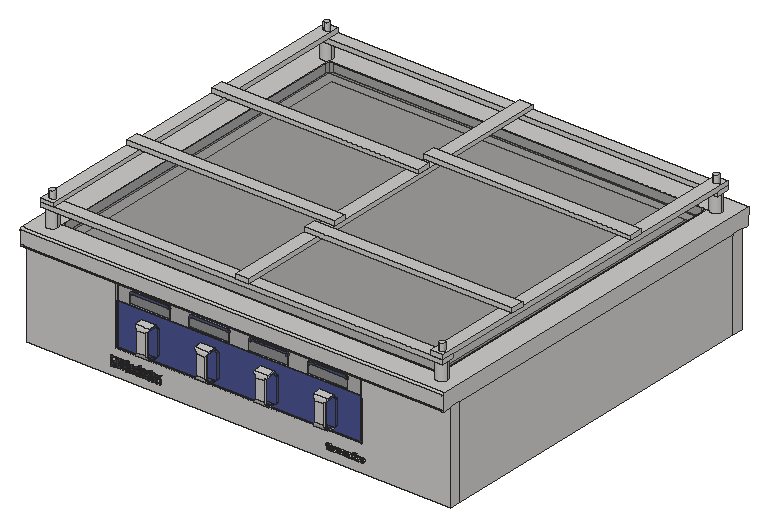
Revit family "QF_ELECTROLUXPROFESSIONAL_589844_MCIDACJODM", category Attrezzature speciali, Revit 2020
Family settings
  Quota connettore circolare = Usa diametro
  Tipo di parte = Normale
  Basato su piano di lavoro = No
  Sempre verticale = Sì
  Taglio con vuoti quando caricato = No
  Condiviso = No
  Punto di calcolo locali = No
Parameters (values of type "Standard")
  Weight = 94.00 kg
  Watts = 20000 W
  Volts = 440 V
  URL Manufacturer = "https://www.electroluxprofessional.com/"
  URL = "https://www.electroluxprofessional.com/"
  Steam Supply Size = 0"
  Steam Supply Minimum Pressure = 0.00 psi
  Steam Supply Maximum Pressure = 0.00 psi
  Steam Consumption per Hour = 0
  Refrigeration Suction Line Size = 0 mm
  Refrigeration Liquid Line Size = 0 mm
  Refrigerant Compressor Remote = yes
  Prospetto di default = 0 mm
  Phase = 3
  Modello = "MCIDACJODM"
  Produttore = "Electrolux Professional"
  Length Actual = 1000 mm  # constant formula
  Item Number = "589844"
  Hot Water Size = 0"
  Height Actual = 250 mm  # constant formula
  HP = "26.8 HP"
  Gas Size = 0"
  Gas KW = 0
  Gas Input Pressure = 0.0 Btu/h
  Direct Waste Size = 0"
  Descrizione = "MARINE*INDUCTION TOP,4Z,2S,1000X900X250H"
  Depth Actual = 900 mm  # constant formula
  Cycle = 50 Hz
  Condensate Return Size = 0"
  Compressed Air Volume = 0 GPM
  Compressed Air Size = 0"
  Compressed Air Pressure = 0.00 psi
  Cold Water Size = 0"
  Accessory = yes
Reference planes
  plane 1 "BACK": y = 0
  plane 2: z = 0
  plane 3 "LEFT": x = -100
  plane 4 "RIGHT": x = 900
  plane 5 "FRONT": y = -900
  plane 6 "TOP": z = 900
  plane 7 "Center (Left/Right)": x = 400
  plane 8: y = -450
  plane 9: z = 200
  plane 10: y = -150
  plane 11 "Panel": y = -855
  plane 12: z = 798
  plane 13: z = 975
  plane 14: x = -22
  plane 15: x = 822
  plane 16: y = -150
  plane 17: y = -650
  plane 18 "EIx": x = 855
  plane 19 "EIy": y = -685
  plane 20: y = -880
  plane 21 "TopBase": z = 650
Forms (mm)
  Extrusion 1, solid, material "QF_Finishes_Stainless Steel"
    sketch origin (-178.969, -4572, 200) x (-1, 0, 0) y (0, -1, 0)
      loop
        line (-78.969, -4527) -> (-78.969, -3717) -> (-1078.969, -3717) -> (-1078.969, -4527) -> (-78.969, -4527)
    from 450 to 663
  Extrusion 2, solid, material "QF_Finishes_Stainless Steel"
    sketch origin (0, 0, 650) x (-1, 0, 0) y (0, -1, 0)
      loop
        circle (-855, 685) r 6.35
    from 0 to -11.851
  Extrusion 3, solid, material "QF_Finishes_Stainless Steel"
    sketch origin (400, 296.4, 1219.2) x (0, 1, 0) y (0, 0, 1)
      loop
        line (-296.4, -319.2) -> (-1191.4, -319.2)
        arc (-1191.4, -319.2) -> (-1194.935, -320.664) -> (-1196.4, -324.2) r 5
        line (-1196.4, -324.2) -> (-1196.4, -355.2)
        arc (-1196.4, -355.2) -> (-1194.971, -358.264) -> (-1191.705, -359.139) r 4
        line (-1191.705, -359.139) -> (-1176.4, -356.231) -> (-316.4, -356.231) -> (-301.094, -359.139)
        arc (-301.094, -359.139) -> (-297.829, -358.264) -> (-296.4, -355.2) r 4
        line (-296.4, -355.2) -> (-296.4, -319.2)
    from -500 to 500
  Extrusion 4, solid, material "QF_Finishes_Electrolux_Black Smoke Iluminated"
    sketch origin (0, 0, 900) x (-1, 0, 0) y (0, -1, 0)
      loop
        arc (35, 56) -> (42.071, 58.929) -> (45, 66) r 10
        line (45, 66) -> (45, 833)
        arc (45, 833) -> (42.071, 840.071) -> (35, 843) r 10
        line (35, 843) -> (-835, 843)
        arc (-835, 843) -> (-842.071, 840.071) -> (-845, 833) r 10
        line (-845, 833) -> (-845, 66)
        arc (-845, 66) -> (-842.071, 58.929) -> (-835, 56) r 10
        line (-835, 56) -> (35, 56)
    from 0 to -20
  Extrusion 5, void
    sketch origin (0, 0, 900) x (-1, 0, 0) y (0, -1, 0)
      loop
        line (47, 845) -> (-847, 845) -> (-847, 54) -> (47, 54) -> (47, 845)
    from 0 to -25
  Extrusion 6, solid, material "QF_Finishes_Stainless Steel"
    sketch origin (0, 0, 900) x (-1, 0, 0) y (0, -1, 0)
      loop
        line (18, 83) -> (18, 816) -> (-818, 816) -> (-818, 83) -> (18, 83)
    from -20 to -25
  Extrusion 7, solid, material "QF_Finishes_Stainless Steel"
    sketch origin (0, 0, 940) x (0, 1, 0) y (-1, 0, 0)
      loop
        line (-30, 75) -> (-60, 75) -> (-60, -875) -> (-30, -875) -> (-30, 75)
      loop
        line (-870, 75) -> (-870, -875) -> (-840, -875) -> (-840, 75) -> (-870, 75)
      loop
        circle (-855, 60) r 6.5
      loop
        circle (-855, -860) r 6.5
      loop
        circle (-45, 60) r 6.5
      loop
        circle (-45, -860) r 6.5
    from 0 to 10
  Extrusion 8, solid, material "QF_Finishes_Stainless Steel"
    sketch origin (0, 0, 950) x (0, 1, 0) y (-1, 0, 0)
      loop
        line (-30, 75) -> (-870, 75) -> (-870, 45) -> (-30, 45) -> (-30, 75)
      loop
        line (-30, -875) -> (-30, -845) -> (-870, -845) -> (-870, -875) -> (-30, -875)
      loop
        line (-30, -415) -> (-30, -385) -> (-870, -385) -> (-870, -415) -> (-30, -415)
      loop
        circle (-45, 60) r 6.5
      loop
        circle (-45, -860) r 6.5
      loop
        circle (-855, 60) r 6.5
      loop
        circle (-855, -860) r 6.5
    from 0 to 10
  Extrusion 9, solid, material "QF_Finishes_Stainless Steel"
    sketch origin (0, 0, 960) x (0, 1, 0) y (-1, 0, 0)
      loop
        line (-336, 75) -> (-366, 75) -> (-366, -415) -> (-336, -415) -> (-336, 75)
      loop
        line (-586, 75) -> (-616, 75) -> (-616, -415) -> (-586, -415) -> (-586, 75)
      loop
        line (-286, -385) -> (-316, -385) -> (-316, -875) -> (-286, -875) -> (-286, -385)
      loop
        line (-636, -385) -> (-666, -385) -> (-666, -875) -> (-636, -875) -> (-636, -385)
    from 0 to 10
  Extrusion 10, solid, material "QF_Finishes_Stainless Steel"
    sketch origin (0, -1, 900) x (-1, 0, 0) y (0, -1, 0)
      loop
        circle (60, 44) r 13
      loop
        circle (-860, 44) r 13
      loop
        circle (60, 854) r 13
      loop
        circle (-860, 854) r 13
    from 0 to 40
  Extrusion 11, solid, material "QF_Finishes_Stainless Steel"
    sketch origin (0, -1, 940) x (0, 1, 0) y (-1, 0, 0)
      loop
        circle (-854, 60) r 6.5
      loop
        circle (-854, -860) r 6.5
      loop
        circle (-44, 60) r 6.5
      loop
        circle (-44, -860) r 6.5
    from 0 to 35
Cuts and joins
  Extrusion 5 cuts Extrusion 3
Lines and regions (mm)
  symbolic lines
    curve 1: line (-100, 0, 200) -> (900, 0, 200)
    curve 2: line (-100, -900, 200) -> (-100, 0, 200)
    curve 3: line (900, -900, 200) -> (-100, -900, 200)
    curve 4: line (900, 0, 200) -> (900, -900, 200)
    curve 43: line (-75, -30, 900) -> (-45, -30, 900)
    curve 44: line (-75, -870, 900) -> (-75, -30, 900)
    curve 45: line (-45, -870, 900) -> (-75, -870, 900)
    curve 46: line (-45, -30, 900) -> (-45, -336, 900)
    curve 47: line (875, -30, 900) -> (845, -30, 900)
    curve 48: line (875, -870, 900) -> (875, -30, 900)
    curve 49: line (845, -870, 900) -> (875, -870, 900)
    curve 50: line (845, -30, 900) -> (845, -286, 900)
    curve 51: line (-75, -336, 900) -> (415, -336, 900)
    curve 52: line (-75, -366, 900) -> (415, -366, 900)
    curve 53: line (-75, -586, 900) -> (415, -586, 900)
    curve 54: line (-75, -616, 900) -> (415, -616, 900)
    curve 55: line (385, -286, 900) -> (875, -286, 900)
    curve 56: line (385, -316, 900) -> (875, -316, 900)
    curve 57: line (385, -636, 900) -> (875, -636, 900)
    curve 58: line (385, -666, 900) -> (875, -666, 900)
    curve 59: line (-18, -83, 900) -> (387, -83, 900)
    curve 60: line (415, -83, 900) -> (818, -83, 900)
    curve 61: line (818, -83, 900) -> (818, -286, 900)
    curve 62: line (818, -316, 900) -> (818, -636, 900)
    curve 63: line (818, -666, 900) -> (818, -816, 900)
    curve 64: line (818, -816, 900) -> (415, -816, 900)
    curve 65: line (-18, -816, 900) -> (-18, -616, 900)
    curve 66: line (-18, -586, 900) -> (-18, -366, 900)
    curve 67: line (-18, -336, 900) -> (-18, -83, 900)
    curve 68: line (415, -870, 900) -> (415, -666, 900)
    curve 69: line (385, -870, 900) -> (385, -616, 900)
    curve 70: line (415, -636, 900) -> (415, -316, 900)
    curve 71: line (385, -586, 900) -> (385, -366, 900)
    curve 72: line (385, -336, 900) -> (385, -30, 900)
    curve 73: line (415, -286, 900) -> (415, -30, 900)
    curve 74: line (-45, -30, 900) -> (845, -30, 900)
    curve 75: line (-45, -870, 900) -> (845, -870, 900)
    curve 76: line (-45, -840, 900) -> (385, -840, 900)
    curve 77: line (415, -840, 900) -> (845, -840, 900)
    curve 78: line (-45, -60, 900) -> (385, -60, 900)
    curve 79: line (415, -60, 900) -> (845, -60, 900)
    curve 80: line (-45, -366, 900) -> (-45, -586, 900)
    curve 81: line (-45, -616, 900) -> (-45, -870, 900)
    curve 82: line (845, -666, 900) -> (845, -870, 900)
    curve 83: line (845, -316, 900) -> (845, -636, 900)
    curve 84: line (385, -816, 900) -> (-18, -816, 900)
  model lines
    curve 5: line (64.474, -422.012, 900) -> (46.796, -404.335, 900)
    curve 6: line (46.796, -404.335, 900) -> (46.796, -169.335, 900)
    curve 7: line (46.796, -169.335, 900) -> (64.474, -151.657, 900)
    curve 8: line (183.85, -245.603, 900) -> (183.85, -325.603, 900)
    curve 9: line (143.85, -285.603, 900) -> (223.85, -285.603, 900)
    curve 10: line (303.226, -422.012, 900) -> (320.903, -404.335, 900)
    curve 11: line (320.903, -404.335, 900) -> (320.903, -169.335, 900)
    curve 12: line (320.903, -169.335, 900) -> (303.226, -151.657, 900)
    curve 13: line (494.474, -422.012, 900) -> (476.796, -404.335, 900)
    curve 14: line (476.796, -404.335, 900) -> (476.796, -169.335, 900)
    curve 15: line (476.796, -169.335, 900) -> (494.474, -151.657, 900)
    curve 16: line (613.85, -245.603, 900) -> (613.85, -325.603, 900)
    curve 17: line (573.85, -285.603, 900) -> (653.85, -285.603, 900)
    curve 18: line (733.226, -422.012, 900) -> (750.903, -404.335, 900)
    curve 19: line (750.903, -404.335, 900) -> (750.903, -169.335, 900)
    curve 20: line (750.903, -169.335, 900) -> (733.226, -151.657, 900)
    curve 21: line (64.474, -477.988, 900) -> (46.796, -495.665, 900)
    curve 22: line (46.796, -495.665, 900) -> (46.796, -730.665, 900)
    curve 23: line (46.796, -730.665, 900) -> (64.474, -748.343, 900)
    curve 24: line (183.85, -654.397, 900) -> (183.85, -574.397, 900)
    curve 25: line (143.85, -614.397, 900) -> (223.85, -614.397, 900)
    curve 26: line (303.226, -477.988, 900) -> (320.903, -495.665, 900)
    curve 27: line (320.903, -495.665, 900) -> (320.903, -730.665, 900)
    curve 28: line (320.903, -730.665, 900) -> (303.226, -748.343, 900)
    curve 29: line (494.474, -477.988, 900) -> (476.796, -495.665, 900)
    curve 30: line (476.796, -495.665, 900) -> (476.796, -730.665, 900)
    curve 31: line (476.796, -730.665, 900) -> (494.474, -748.343, 900)
    curve 32: line (613.85, -654.397, 900) -> (613.85, -574.397, 900)
    curve 33: line (573.85, -614.397, 900) -> (653.85, -614.397, 900)
    curve 34: line (733.226, -477.988, 900) -> (750.903, -495.665, 900)
    curve 35: line (750.903, -495.665, 900) -> (750.903, -730.665, 900)
    curve 36: line (750.903, -730.665, 900) -> (733.226, -748.343, 900)
    curve 37: line (-7.896, -110.891, 900) -> (13.317, -89.677, 900)
    curve 38: line (13.317, -89.677, 900) -> (786.683, -89.677, 900)
    curve 39: line (807.896, -110.891, 900) -> (786.683, -89.677, 900)
    curve 40: line (-7.896, -789.109, 900) -> (13.317, -810.323, 900)
    curve 41: line (13.317, -810.323, 900) -> (786.683, -810.323, 900)
    curve 42: line (807.896, -789.109, 900) -> (786.683, -810.323, 900)
Dimensions and locks
  plane 3 "LEFT" to plane 4 "RIGHT" = 1000 mm
  plane 5 "FRONT" to plane 1 "BACK" = 900 mm
  plane 3 "LEFT" to plane 7 "Center (Left/Right)" to plane 4 "RIGHT" = 500 mm, 500 mm
  equal spacing: plane 5 "FRONT", plane 8, plane 1 "BACK"
  plane 6 "TOP" to level = 900 mm  (x2)
  plane 9 to level = 200 mm
  plane 1 "BACK" to plane 10 to plane 11 "Panel" = 150 mm, 705 mm  (x2)
  plane 6 "TOP" to plane 9 to level = 700 mm, 200 mm
  plane 1 "BACK" to plane 5 "FRONT" = 900 mm
  plane 1 "BACK" to Extrusion 2 = 685 mm
  plane 12 to plane 9 = 598 mm
  plane 13 to plane 6 "TOP" = 75 mm
  plane 6 "TOP" to plane 12 = 102 mm
  plane 14 to plane 3 "LEFT" = 78 mm
  plane 15 to plane 4 "RIGHT" = 78 mm
  locked: plane 1 "BACK" to plane 16 at 150
  locked: plane 16 to plane 17 at 500
  plane 11 "Panel" to plane 5 "FRONT" = 45 mm
  plane 18 "EIx" to plane 4 "RIGHT" = 45 mm
  plane 19 "EIy" to plane 1 "BACK" = 685 mm
  locked: plane 11 "Panel" to plane 20 at 25
  aligned and locked: level to plane 2
  aligned and locked: cut or joined group of Extrusion 3, Extrusion 5 to plane 3 "LEFT"
  aligned and locked: cut or joined group of Extrusion 3, Extrusion 5 to plane 4 "RIGHT"
  aligned and locked: nested 1 to plane 11 "Panel"
  aligned and locked: Extrusion 1 to plane 11 "Panel"
  aligned and locked: Extrusion 1 to plane 3 "LEFT"
  aligned and locked: Extrusion 1 to plane 4 "RIGHT"
  aligned and locked: nested 2 to plane 3 "LEFT"
  aligned and locked: nested 2 to Extrusion 1
Automatic sketch dimensions
  Extrusion 3 sketch curve to plane 5 "FRONT" = 0 mm
  Extrusion 3 sketch curve to plane 6 "TOP" = 0 mm
  Extrusion 3 sketch curve to plane 20 = 0 mm
  Extrusion 3 sketch curve to plane 1 "BACK" = 0 mm
  Extrusion 3 sketch curve to Extrusion 3 sketch curve = 4 mm
  Extrusion 3 sketch curve to Extrusion 3 sketch curve = 0.695 mm
  Extrusion 3 sketch curve to plane 5 "FRONT" = 5 mm
  plane 1 "BACK" to Extrusion 3 sketch curve = 20 mm
  plane 1 "BACK" to Extrusion 3 sketch curve = 4.695 mm
  plane 1 "BACK" to Extrusion 3 sketch curve = 4 mm
  Extrusion 3 sketch curve to Extrusion 3 sketch curve = 31 mm
  Extrusion 3 sketch curve to Extrusion 3 sketch curve = 36 mm
  Extrusion 3 sketch curve to Extrusion 3 sketch curve = 2.909 mm
  Extrusion 2 sketch curve to plane 18 "EIx" = 0 mm
  Extrusion 2 sketch curve to plane 19 "EIy" = 0 mm
  Extrusion 1 sketch curve to plane 4 "RIGHT" = 0 mm
  Extrusion 1 sketch curve to plane 3 "LEFT" = 0 mm
  Extrusion 1 sketch curve to plane 11 "Panel" = 0 mm
  plane 1 "BACK" to Extrusion 1 sketch curve = 45 mm
  plane 1 "BACK" to curve 1 = 0 mm
  curve 1 to plane 4 "RIGHT" = 0 mm
  curve 3 to plane 3 "LEFT" = 0 mm
  plane 5 "FRONT" to curve 3 = 0 mm
  plane 18 "EIx" to Extrusion 4 sketch curve = 10 mm
  Extrusion 4 sketch curve to plane 15 = 13 mm
  Extrusion 4 sketch curve to Extrusion 4 sketch curve = 10 mm  (x2)
  plane 14 to Extrusion 4 sketch curve = 13 mm  (x2)
  plane 1 "BACK" to Extrusion 4 sketch curve = 56 mm
  plane 11 "Panel" to Extrusion 4 sketch curve = 22 mm
  plane 18 "EIx" to Extrusion 5 sketch curve = 8 mm
  plane 14 to Extrusion 5 sketch curve = 25 mm
  plane 1 "BACK" to Extrusion 5 sketch curve = 54 mm
  plane 11 "Panel" to Extrusion 5 sketch curve = 10 mm
  plane 15 to Extrusion 6 sketch curve = 4 mm
  Extrusion 6 sketch curve to plane 14 = 4 mm
  plane 10 to Extrusion 6 sketch curve = 67 mm
  plane 11 "Panel" to Extrusion 6 sketch curve = 39 mm
  Extrusion 7 sketch curve to plane 11 "Panel" = 0 mm  (x2)
  Extrusion 7 sketch curve to plane 20 = 10 mm
  plane 11 "Panel" to Extrusion 7 sketch curve = 15 mm
  Extrusion 7 sketch curve to plane 18 "EIx" = 20 mm  (x2)
  plane 1 "BACK" to Extrusion 7 sketch curve = 60 mm
  Extrusion 7 sketch curve to Extrusion 7 sketch curve = 15 mm  (x5)
  Extrusion 7 sketch curve to plane 18 "EIx" = 5 mm  (x2)
  plane 14 to Extrusion 7 sketch curve = 38 mm  (x2)
  Extrusion 8 sketch curve to plane 11 "Panel" = 0 mm  (x2)
  Extrusion 8 sketch curve to plane 20 = 10 mm  (x3)
  Extrusion 8 sketch curve to plane 18 "EIx" = 5 mm  (x2)
  plane 1 "BACK" to Extrusion 8 sketch curve = 45 mm  (x2)
  plane 1 "BACK" to Extrusion 8 sketch curve = 30 mm
  Extrusion 8 sketch curve to Extrusion 8 sketch curve = 15 mm  (x5)
  Extrusion 8 sketch curve to plane 18 "EIx" = 20 mm
  plane 18 "EIx" to Extrusion 8 sketch curve = 10 mm
  plane 7 "Center (Left/Right)" to Extrusion 8 sketch curve = 15 mm
  Extrusion 8 sketch curve to plane 7 "Center (Left/Right)" = 15 mm
  plane 14 to Extrusion 8 sketch curve = 23 mm
  plane 17 to Extrusion 9 sketch curve = 16 mm
  Extrusion 9 sketch curve to plane 17 = 14 mm
  Extrusion 9 sketch curve to plane 17 = 34 mm
  Extrusion 9 sketch curve to Extrusion 9 sketch curve = 30 mm  (x3)
  plane 3 "LEFT" to Extrusion 9 sketch curve = 25 mm  (x2)
  plane 8 to Extrusion 9 sketch curve = 84 mm
  Extrusion 9 sketch curve to plane 7 "Center (Left/Right)" = 15 mm  (x2)
  Extrusion 9 sketch curve to Extrusion 9 sketch curve = 20 mm
  plane 7 "Center (Left/Right)" to Extrusion 9 sketch curve = 15 mm  (x2)
  Extrusion 9 sketch curve to plane 18 "EIx" = 20 mm  (x2)
  Extrusion 10 sketch curve to plane 11 "Panel" = 0 mm  (x2)
  Extrusion 10 sketch curve to plane 18 "EIx" = 5 mm  (x2)
  plane 14 to Extrusion 10 sketch curve = 38 mm  (x2)
  plane 1 "BACK" to Extrusion 10 sketch curve = 45 mm  (x2)
  Extrusion 11 sketch curve to plane 11 "Panel" = 0 mm  (x2)
  Extrusion 11 sketch curve to plane 18 "EIx" = 5 mm  (x2)
  plane 1 "BACK" to Extrusion 11 sketch curve = 45 mm  (x2)
  plane 14 to Extrusion 11 sketch curve = 38 mm  (x2)
  curve 49 to plane 18 "EIx" = 20 mm
  plane 18 "EIx" to curve 47 = 10 mm
  plane 18 "EIx" to curve 82 = 10 mm
  plane 15 to curve 61 = 4 mm
  plane 15 to curve 64 = 4 mm
  curve 60 to curve 39 = 31.317 mm
  curve 63 to curve 42 = 31.317 mm
  curve 19 to plane 10 = 19.335 mm
  plane 15 to curve 19 = 71.097 mm
  plane 15 to curve 36 = 71.097 mm
  plane 7 "Center (Left/Right)" to curve 30 = 76.796 mm
  plane 7 "Center (Left/Right)" to curve 14 = 76.796 mm
  curve 11 to plane 10 = 19.335 mm
  curve 11 to plane 7 "Center (Left/Right)" = 79.097 mm
  curve 28 to plane 7 "Center (Left/Right)" = 79.097 mm
  curve 22 to plane 14 = 68.796 mm
  curve 5 to plane 14 = 68.796 mm
  curve 40 to plane 14 = 35.317 mm
  curve 38 to plane 14 = 35.317 mm
  curve 65 to plane 14 = 4 mm
  curve 59 to plane 14 = 4 mm
  curve 75 to plane 20 = 10 mm
  plane 14 to curve 75 = 23 mm
  plane 14 to curve 74 = 23 mm
  plane 3 "LEFT" to curve 45 = 25 mm
  plane 10 to curve 38 = 60.323 mm
  curve 60 to curve 38 = 6.677 mm
  curve 67 to curve 37 = 6.677 mm
  plane 1 "BACK" to curve 74 = 30 mm
  curve 7 to plane 10 = 19.335 mm
  curve 14 to plane 10 = 19.335 mm
  plane 8 to curve 5 = 45.665 mm
  plane 8 to curve 10 = 45.665 mm
  plane 8 to curve 19 = 45.665 mm
  plane 8 to curve 13 = 45.665 mm
  curve 30 to plane 8 = 45.665 mm
  curve 26 to plane 8 = 45.665 mm
  curve 35 to plane 8 = 45.665 mm
  curve 21 to plane 8 = 45.665 mm
  curve 35 to plane 19 "EIy" = 45.665 mm
  curve 28 to plane 19 "EIy" = 45.665 mm
  curve 31 to plane 19 "EIy" = 45.665 mm
  curve 23 to plane 19 "EIy" = 45.665 mm
  plane 11 "Panel" to curve 41 = 44.677 mm
  curve 41 to curve 64 = 5.677 mm
  curve 40 to curve 84 = 5.677 mm
  plane 18 "EIx" to curve 83 = 10 mm
  plane 15 to curve 62 = 4 mm
  plane 15 to curve 39 = 14.104 mm
  plane 15 to curve 42 = 14.104 mm
  curve 34 to plane 8 = 27.988 mm
  curve 34 to curve 34 = 17.678 mm
  curve 35 to curve 36 = 17.678 mm  (x2)
  curve 20 to plane 10 = 1.657 mm
  curve 19 to curve 20 = 17.678 mm
  plane 8 to curve 18 = 27.988 mm
  curve 18 to curve 18 = 17.678 mm
  curve 33 to plane 17 = 35.603 mm
  curve 35 to curve 33 = 97.053 mm
  curve 19 to curve 17 = 97.053 mm
  curve 17 to curve 16 = 40 mm  (x2)
  curve 33 to curve 32 = 40 mm
  curve 32 to curve 33 = 40 mm  (x2)
  curve 16 to curve 17 = 40 mm  (x2)
  curve 31 to curve 30 = 17.678 mm
  curve 29 to plane 8 = 27.988 mm
  curve 29 to curve 29 = 17.678 mm
  curve 15 to plane 10 = 1.657 mm
  curve 15 to curve 14 = 17.678 mm
  plane 8 to curve 13 = 27.988 mm
  curve 13 to curve 13 = 17.678 mm
  plane 7 "Center (Left/Right)" to curve 64 = 15 mm
  plane 7 "Center (Left/Right)" to curve 70 = 15 mm
  plane 7 "Center (Left/Right)" to curve 73 = 15 mm
  curve 59 to plane 7 "Center (Left/Right)" = 13 mm
  curve 56 to plane 7 "Center (Left/Right)" = 15 mm
  curve 57 to plane 7 "Center (Left/Right)" = 15 mm
  curve 71 to plane 7 "Center (Left/Right)" = 15 mm
  curve 26 to plane 8 = 27.988 mm
  curve 26 to curve 26 = 17.678 mm
  curve 27 to curve 28 = 17.678 mm  (x2)
  curve 12 to plane 10 = 1.657 mm
  curve 11 to curve 12 = 17.678 mm
  plane 8 to curve 10 = 27.988 mm
  curve 10 to curve 10 = 17.678 mm
  curve 11 to curve 9 = 97.053 mm
  curve 25 to plane 17 = 35.603 mm
  curve 27 to curve 25 = 97.053 mm
  curve 9 to curve 8 = 40 mm  (x2)
  plane 17 to curve 24 = 4.397 mm
  curve 25 to curve 24 = 40 mm
  curve 8 to curve 9 = 40 mm  (x2)
  curve 24 to curve 25 = 40 mm  (x2)
  curve 21 to plane 8 = 27.988 mm
  curve 21 to curve 21 = 17.678 mm
  plane 8 to curve 5 = 27.988 mm
  curve 5 to curve 5 = 17.678 mm
  curve 23 to curve 22 = 17.678 mm
  curve 7 to plane 10 = 1.657 mm
  curve 7 to curve 6 = 17.678 mm
  curve 37 to plane 14 = 14.104 mm
  curve 40 to plane 14 = 14.104 mm
  curve 66 to plane 14 = 4 mm
  plane 14 to curve 80 = 23 mm
  curve 60 to curve 39 = 27.891 mm
  curve 59 to curve 37 = 27.891 mm
  curve 78 to curve 59 = 23 mm
  curve 79 to curve 60 = 23 mm
  curve 16 to plane 10 = 95.603 mm
  curve 8 to plane 10 = 95.603 mm
  curve 11 to curve 55 = 116.665 mm
  curve 61 to curve 62 = 30 mm
  plane 8 to curve 46 = 114 mm
  curve 51 to curve 52 = 30 mm
  curve 80 to plane 17 = 64 mm
  curve 66 to curve 65 = 30 mm
  curve 57 to plane 17 = 14 mm
  plane 17 to curve 32 = 4.397 mm
  plane 17 to curve 63 = 16 mm
  curve 22 to curve 23 = 17.678 mm
  curve 30 to curve 31 = 17.678 mm
  curve 42 to curve 63 = 26.891 mm
  curve 40 to curve 65 = 26.891 mm
  plane 11 "Panel" to curve 77 = 15 mm
  plane 11 "Panel" to curve 76 = 15 mm
  radius of Extrusion 2 sketch curve = 6.35 mm
  radius of Extrusion 7 sketch curve = 6.5 mm  (x4)
  radius of Extrusion 8 sketch curve = 6.5 mm  (x4)
  radius of Extrusion 10 sketch curve = 13 mm  (x4)
  radius of Extrusion 11 sketch curve = 6.5 mm  (x4)
Nested families
  nested 1: "Front_Panel_W1000_4 Knobs" at (102.376, -855, 0), type "Front_Panel_W1000_4 Knobs"
  nested 2: "Front_Panel_W1000_4 Knobs" at (697.624, -45, 0) x (-1, 0, 0) z (0, 0, 1), type "Front_Panel_W1000_4 Knobs"
Connectors
  electrical at (855, -685, 638.149)
    settings: on Extrusion 2, index 1, voltage 400 V, apparent load 33000 VA, apparent load phase1 0 VA, apparent load phase2 0 VA, apparent load phase3 0 VA, power factor 1, load classification "Other", number of poles 1, system type 30, power factor state 1, is connector primary yes, connector utility no, sub classification motor no, connector description "ELECTRICAL CONNECTION"
Definition of nested family "Front_Panel_W1000_4 Knobs"
  Parameters
    Default Elevation = 0 mm
  Reference planes
    plane 1 "Center (Front/Back)": y = 0
    plane 2: z = 0
    plane 3 "Center (Left/Right)": x = 297.624
    plane 4 "Left": x = -202.376
    plane 5 "Right": x = 797.624
    plane 6: y = -45
    plane 7: x = 87.624
    plane 8: x = 227.624
    plane 9: y = -25
    plane 10: x = -2.376
    plane 11: x = 367.624
    plane 12: x = 507.624
    plane 13: x = 594.715
  Forms (mm)
    Extrusion 1, solid
      sketch origin (833.217, 829.203, -1.25) x (0, 1, 0) y (0, 0, 1)
        loop
          line (-854.203, 651.25) -> (-829.203, 651.25) -> (-829.203, 864.25) -> (-854.203, 864.25) -> (-854.203, 651.25)
      from -1035.593 to -35.593
    Extrusion 2, void
      sketch origin (0, 0, 0) x (1, 0, 0) y (0, 0, 1)
        loop
          line (7.624, 853.866) -> (7.624, 711.866) -> (587.624, 711.866) -> (587.624, 853.866) -> (7.624, 853.866)
      from 19.387 to 33.951
  Cuts and joins
    Extrusion 2 cuts Extrusion 1
  Dimensions and locks
    equal spacing: plane 5 "Right", plane 3 "Center (Left/Right)", plane 4 "Left"
    plane 5 "Right" to plane 4 "Left" = 1000 mm
    plane 3 "Center (Left/Right)" to plane 7 = 210 mm
    plane 3 "Center (Left/Right)" to plane 8 = 70 mm
    plane 12 to plane 3 "Center (Left/Right)" = 210 mm
    plane 11 to plane 3 "Center (Left/Right)" = 70 mm
    aligned and locked: cut or joined group of Extrusion 1, Extrusion 2 to plane 4 "Left"
    aligned and locked: plane 5 "Right" to cut or joined group of Extrusion 1, Extrusion 2
    aligned and locked: plane 3 "Center (Left/Right)" to nested 2
    aligned and locked: cut or joined group of Extrusion 1, Extrusion 2 to nested 2
  Automatic sketch dimensions
    Extrusion 1 sketch curve to plane 1 "Center (Front/Back)" = 0 mm
    level to Extrusion 1 sketch curve = 650 mm
    plane 4 "Left" to Extrusion 2 sketch curve = 210 mm
    Extrusion 2 sketch curve to plane 5 "Right" = 210 mm
    level to Extrusion 2 sketch curve = 711.866 mm
    Extrusion 2 sketch curve to Extrusion 2 sketch curve = 142 mm
    Extrusion 1 sketch curve to plane 6 = 20 mm
    Extrusion 1 sketch curve to Extrusion 1 sketch curve = 213 mm
  Nested families
    nested 1: "Range Control Handle" at (87.624, -28.137, -209.113) x (-1, 0, 0) z (0, 0, 1), type "Range Control Handle"
    nested 2: "Front glass control panel W1000" at (297.624, 280.644, 2.752), type "Front glass control panel W1000"
    nested 3: "Range Control Handle" at (227.624, -28.137, -209.113) x (-1, 0, 0) z (0, 0, 1), type "Range Control Handle"
    nested 4: "Range Control Handle" at (367.624, -28.137, -209.113), type "Range Control Handle"
    nested 5: "Range Control Handle" at (507.624, -28.137, -209.113), type "Range Control Handle"
    nested 6: "ELX_ThermaLine_Small" at (546.122, -25, 679.426) x (1, 0, 0) z (0, -1, 0), type "ELX_ThermaLine_Small"
      with Show Logo yes, Material_Logo none
    nested 7: "ELX_Professional_Logo_Small" at (57.11, -25, 681.659) x (1, 0, 0) z (0, -1, 0), type "ELX_Professional_Logo_Small"
      with Show Logo yes, Material_Logo none
  Definition of nested family "Range Control Handle"
    Parameters
      Default Elevation = 0 mm
    Reference planes
      plane 1 "Center (Front/Back)": y = 0
      plane 2: z = 0
      plane 3 "Center (Left/Right)": x = 0
      plane 4: z = 971.092
      plane 5: y = -16.9
    Forms (mm)
      Extrusion 1, solid
        sketch origin (-746.28, 380.497, 208.931) x (-1, 0, 0) y (0, 0, 1)
          loop
            line (-770.101, 786.798) -> (-770.101, 731.649)
            arc (-770.101, 731.649) -> (-769.759, 730.563) -> (-768.855, 729.87) r 1.893
            line (-768.855, 729.87) -> (-763.474, 727.911) -> (-729.81, 727.911) -> (-724.428, 729.87)
            arc (-724.428, 729.87) -> (-723.525, 730.563) -> (-723.183, 731.649) r 1.893
            line (-723.183, 731.649) -> (-723.183, 786.798)
            arc (-723.183, 786.798) -> (-723.529, 787.894) -> (-724.44, 788.593) r 1.91
            line (-724.44, 788.593) -> (-729.683, 790.819) -> (-763.601, 790.819) -> (-768.844, 788.593)
            arc (-768.844, 788.593) -> (-769.755, 787.894) -> (-770.101, 786.798) r 1.91
        from -382.35 to -378.852
      Sweep 2, solid
        path origin (-746.788, 380.496, 208.091) x (0, -1, 0) y (0, 0, 1)
          loop
            line (379.775, 793.281) -> (395.661, 791.048)
            arc (395.661, 791.048) -> (397.781, 787.377) -> (398.517, 783.202) r 12.207
            line (398.517, 783.202) -> (398.517, 737.368)
            arc (398.517, 737.368) -> (397.781, 733.193) -> (395.661, 729.522) r 12.207
            line (395.661, 729.522) -> (379.775, 727.289)
        profile origin (-746.788, -7.222, 1000.256) x (0, -0.139173, 0.990268) y (-1, 0, 0)
          loop
            line (0.782, -763.123) -> (0.782, -730.907) -> (-1.322, -730.907) -> (-1.322, -763.123) -> (0.782, -763.123)
      Sweep 3, solid
        path origin (-746.788, 380.715, 207.832) x (0, -1, 0) y (0, 0, 1)
          loop
            line (380.478, 795.442) -> (397.218, 793.09)
            arc (397.218, 793.09) -> (399.929, 788.473) -> (400.871, 783.202) r 15.207
            line (400.871, 783.202) -> (400.871, 737.584)
            arc (400.871, 737.584) -> (399.914, 732.274) -> (397.164, 727.633) r 15.207
            line (397.164, 727.633) -> (380.601, 725.305)
        profile origin (-746.788, -8.132, 1002.099) x (0, -0.139173, 0.990268) y (-1, 0, 0)
          loop
            line (0.782, -763.123) -> (0.782, -730.907) -> (-1.322, -730.907) -> (-1.322, -763.123) -> (0.782, -763.123)
      Extrusion 4, void
        sketch origin (889.253, 220.666, 207.993) x (1, 0, 0) y (0, 0, 1)
          loop
            line (-943.038, 816.854) -> (-943.038, 703.686) -> (-899.466, 734.196) -> (-899.466, 786.344) -> (-943.038, 816.854)
        from 230.636 to 242.25
      Extrusion 5, void
        sketch origin (-888.8, 220.666, 207.993) x (-1, 0, 0) y (0, 0, -1)
          loop
            line (-943.038, -816.854) -> (-899.466, -786.344) -> (-899.466, -734.196) -> (-943.038, -703.686) -> (-943.038, -816.854)
        from 230.636 to 242.25
      Extrusion 6, solid
        sketch origin (0, 0, 0) x (1, 0, 0) y (0, 0, 1)
          loop
            circle (0, 971.092) r 7.736
        from -3.137 to -1.645
    Cuts and joins
      Extrusion 4, Extrusion 5 cuts Sweep 3
      Extrusion 4, Extrusion 5 cuts Sweep 2
      joined: Extrusion 1, Extrusion 6
    Lines and regions (mm)
      symbolic lines
        curve 1: line (16.334, -16.9, 0) -> (16.334, -19.227, 0)
        curve 2: spline (16.334, -19.227, 0) -> (15.87, -19.385, 0) -> (15.404, -19.536, 0) -> (14.936, -19.678, 0) -> (14.466, -19.813, 0) -> (13.995, -19.94, 0) -> (13.523, -20.059, 0) -> (13.049, -20.171, 0) -> (12.575, -20.274, 0) -> (12.099, -20.37, 0) -> (11.622, -20.458, 0) -> (11.144, -20.537, 0) -> (10.666, -20.609, 0)
        curve 3: line (10.666, -16.9, 0) -> (10.666, -20.938, 0)
        curve 4: line (-10.213, -20.938, 0) -> (10.666, -20.938, 0)
        curve 5: line (-10.213, -20.938, 0) -> (-10.213, -16.9, 0)
        curve 6: spline (-10.213, -20.609, 0) -> (-10.691, -20.537, 0) -> (-11.169, -20.458, 0) -> (-11.646, -20.37, 0) -> (-12.122, -20.274, 0) -> (-12.597, -20.171, 0) -> (-13.07, -20.059, 0) -> (-13.542, -19.94, 0) -> (-14.013, -19.813, 0) -> (-14.483, -19.678, 0) -> (-14.951, -19.536, 0) -> (-15.417, -19.385, 0) -> (-15.881, -19.227, 0)
        curve 7: line (-15.881, -19.227, 0) -> (-15.881, -16.9, 0)
  Definition of nested family "Front glass control panel W1000"
    Parameters
      Default Elevation = 0 mm
    Reference planes
      plane 1 "Center (Front/Back)": y = 0
      plane 2: z = 0
      plane 3 "Center (Left/Right)": x = 0
    Forms (mm)
      Extrusion 1, solid
        sketch origin (378.286, 0, 0.617) x (1, 0, 0) y (0, 0, 1)
          loop
            line (-668.286, 806.791) -> (-668.286, 708.497) -> (-88.286, 708.497) -> (-88.286, 806.791) -> (-668.286, 806.791)
        from 300.031 to 304.8
      Extrusion 2, solid
        sketch origin (378.286, 0, 0.617) x (1, 0, 0) y (0, 0, 1)
          loop
            line (-668.286, 850.497) -> (-668.286, 806.791) -> (-88.286, 806.791) -> (-88.286, 850.497) -> (-668.286, 850.497)
        from 300.031 to 304.8
      Extrusion 3, void
        sketch origin (378.286, 0, 0.617) x (1, 0, 0) y (0, 0, 1)
          loop
            line (-665.628, 847.565) -> (-665.628, 710.699) -> (-91.196, 710.699) -> (-91.196, 847.565) -> (-665.628, 847.565)
        from 303.697 to 304.8
      Extrusion 4, solid
        sketch origin (-378.333, 1.101, -0.633) x (-1, 0, 0) y (0, 0, -1)
          loop
            line (-261.431, -812.62) -> (-355.186, -812.62) -> (-355.186, -834.177) -> (-350.269, -834.177) -> (-348.469, -835.977) -> (-268.039, -835.977) -> (-266.24, -834.177) -> (-261.431, -834.177) -> (-261.431, -812.62)
        from 304.798 to 306.745
      Extrusion 5, solid
        sketch origin (-378.333, 1.101, -0.633) x (-1, 0, 0) y (0, 0, -1)
          loop
            line (-350.269, -834.177) -> (-355.078, -834.177)
            arc (-355.078, -834.177) -> (-353.942, -838.747) -> (-349.686, -840.763) r 5.5
            line (-349.686, -840.763) -> (-266.98, -840.763)
            arc (-266.98, -840.763) -> (-262.706, -838.752) -> (-261.529, -834.177) r 5.549
            line (-261.529, -834.177) -> (-266.24, -834.177) -> (-268.039, -835.977) -> (-348.469, -835.977) -> (-350.269, -834.177)
        from 304.798 to 306.745
      Extrusion 6, solid
        sketch origin (-518.333, 1.101, -0.633) x (-1, 0, 0) y (0, 0, -1)
          loop
            line (-261.431, -812.62) -> (-355.186, -812.62) -> (-355.186, -834.177) -> (-350.269, -834.177) -> (-348.469, -835.977) -> (-268.039, -835.977) -> (-266.24, -834.177) -> (-261.431, -834.177) -> (-261.431, -812.62)
        from 304.798 to 306.745
      Extrusion 7, solid
        sketch origin (-518.333, 1.101, -0.633) x (-1, 0, 0) y (0, 0, -1)
          loop
            line (-350.269, -834.177) -> (-355.078, -834.177)
            arc (-355.078, -834.177) -> (-353.942, -838.747) -> (-349.686, -840.763) r 5.5
            line (-349.686, -840.763) -> (-266.98, -840.763)
            arc (-266.98, -840.763) -> (-262.706, -838.752) -> (-261.529, -834.177) r 5.549
            line (-261.529, -834.177) -> (-266.24, -834.177) -> (-268.039, -835.977) -> (-348.469, -835.977) -> (-350.269, -834.177)
        from 304.798 to 306.745
      Extrusion 8, solid
        sketch origin (378.333, 1.101, -0.633) x (1, 0, 0) y (0, 0, 1)
          loop
            line (-261.431, 812.62) -> (-261.431, 834.177) -> (-266.24, 834.177) -> (-268.039, 835.977) -> (-348.469, 835.977) -> (-350.269, 834.177) -> (-355.186, 834.177) -> (-355.186, 812.62) -> (-261.431, 812.62)
        from 304.798 to 306.745
      Extrusion 9, solid
        sketch origin (378.333, 1.101, -0.633) x (1, 0, 0) y (0, 0, 1)
          loop
            line (-350.269, 834.177) -> (-348.469, 835.977) -> (-268.039, 835.977) -> (-266.24, 834.177) -> (-261.529, 834.177)
            arc (-261.529, 834.177) -> (-262.706, 838.752) -> (-266.98, 840.763) r 5.549
            line (-266.98, 840.763) -> (-349.686, 840.763)
            arc (-349.686, 840.763) -> (-353.942, 838.747) -> (-355.078, 834.177) r 5.5
            line (-355.078, 834.177) -> (-350.269, 834.177)
        from 304.798 to 306.745
      Extrusion 10, solid
        sketch origin (518.333, 1.101, -0.633) x (1, 0, 0) y (0, 0, 1)
          loop
            line (-261.431, 812.62) -> (-261.431, 834.177) -> (-266.24, 834.177) -> (-268.039, 835.977) -> (-348.469, 835.977) -> (-350.269, 834.177) -> (-355.186, 834.177) -> (-355.186, 812.62) -> (-261.431, 812.62)
        from 304.798 to 306.745
      Extrusion 11, solid
        sketch origin (518.333, 1.101, -0.633) x (1, 0, 0) y (0, 0, 1)
          loop
            line (-350.269, 834.177) -> (-348.469, 835.977) -> (-268.039, 835.977) -> (-266.24, 834.177) -> (-261.529, 834.177)
            arc (-261.529, 834.177) -> (-262.706, 838.752) -> (-266.98, 840.763) r 5.549
            line (-266.98, 840.763) -> (-349.686, 840.763)
            arc (-349.686, 840.763) -> (-353.942, 838.747) -> (-355.078, 834.177) r 5.5
            line (-355.078, 834.177) -> (-350.269, 834.177)
        from 304.798 to 306.745
    Cuts and joins
      Extrusion 3 cuts Extrusion 1
      Extrusion 3 cuts Extrusion 2
    Dimensions and locks
      aligned and locked: Extrusion 1 to Extrusion 2
      aligned and locked: Extrusion 5 sketch curve to Extrusion 4  (x5)
      aligned and locked: Extrusion 5 to Extrusion 4
      aligned and locked: Extrusion 7 sketch curve to Extrusion 6  (x5)
      aligned and locked: Extrusion 7 to Extrusion 6
      aligned and locked: Extrusion 9 sketch curve to Extrusion 8  (x4)
      aligned and locked: Extrusion 8 to Extrusion 9 sketch curve
      aligned and locked: Extrusion 9 to Extrusion 8
      aligned and locked: Extrusion 11 sketch curve to Extrusion 10  (x4)
      aligned and locked: Extrusion 10 to Extrusion 11 sketch curve
      aligned and locked: Extrusion 11 to Extrusion 10
  Definition of nested family "ELX_ThermaLine_Small"
    Parameters
      Show Logo [instance] = yes
      Material_Logo [instance] = none
      Default Elevation = 0 mm
    Reference planes
      plane 1 "Centro (Fronte/Retro)": y = 0
      plane 2: z = 0
      plane 3 "Centro (Sinistra/Destra)": x = 0
    Forms (mm)
      Extrusion 1, solid
        sketch origin (0, 0, 0) x (1, 0, 0) y (0, 1, 0)
          loop
            line (-1219.2, 1219.2) -> (-1219.2, -1219.2) -> (1219.2, -1219.2) -> (1219.2, 1219.2) -> (-1219.2, 1219.2)
        from 0 to -304.8
      Extrusion 2, solid
        sketch origin (0, 0, 0) x (1, 0, 0) y (0, 1, 0)
          loop
            line (-37.494, 1.229) -> (-35.908, 1.229) -> (-35.908, 3.066) -> (-37.494, 3.066) -> (-37.494, 6.221) -> (-39.867, 4.881) -> (-39.867, 3.066) -> (-40.969, 3.066) -> (-40.969, 1.229) -> (-39.867, 1.229) -> (-39.867, -3.407)
            arc (-39.867, -3.407) -> (-38.982, -5.513) -> (-36.751, -6.001) r 2.478
            line (-36.751, -6.001) -> (-35.638, -5.7) -> (-35.9, -3.835) -> (-36.661, -4.039)
            arc (-36.661, -4.039) -> (-37.236, -3.924) -> (-37.494, -3.399) r 0.662
            line (-37.494, -3.399) -> (-37.494, 1.229)
          loop
            line (-34.242, 6.539) -> (-34.242, -5.848) -> (-31.854, -5.848) -> (-31.854, -0.078)
            arc (-31.854, -0.078) -> (-30.939, 1.249) -> (-29.33, 1.367) r 1.866
            arc (-29.33, 1.367) -> (-28.695, 0.768) -> (-28.461, -0.073) r 1.627
            line (-28.461, -0.073) -> (-28.461, -5.848) -> (-26.086, -5.848) -> (-26.064, -0.46)
            arc (-26.064, -0.46) -> (-26.261, 0.932) -> (-26.786, 2.237) r 5.825
            arc (-26.786, 2.237) -> (-29.381, 3.264) -> (-31.854, 1.971) r 3.353
            line (-31.854, 1.971) -> (-31.854, 6.539) -> (-34.242, 6.539)
          loop
            arc (-18.398, -0.598) -> (-18.893, 0.879) -> (-20.326, 1.487) r 1.897
            arc (-20.326, 1.487) -> (-21.461, 0.708) -> (-21.897, -0.598) r 2.164
            line (-21.897, -0.598) -> (-18.398, -0.598)
          loop
            arc (-16.021, -2.044) -> (-16.754, 1.227) -> (-19.444, 3.226) r 4.814
            arc (-19.444, 3.226) -> (-22.137, 2.788) -> (-23.943, 0.743) r 4.054
            arc (-23.943, 0.743) -> (-24.382, -1.249) -> (-24.162, -3.276) r 6.289
            arc (-24.162, -3.276) -> (-23.302, -4.71) -> (-21.958, -5.705) r 4.28
            arc (-21.958, -5.705) -> (-18.558, -5.814) -> (-16.152, -3.409) r 4.28
            line (-16.152, -3.409) -> (-18.5, -2.995)
            arc (-18.5, -2.995) -> (-19.273, -3.994) -> (-20.533, -4.076) r 1.536
            arc (-20.533, -4.076) -> (-21.56, -3.281) -> (-21.958, -2.044) r 2.197
            line (-21.958, -2.044) -> (-16.021, -2.044)
          loop
            line (-14.165, -5.848) -> (-11.819, -5.848) -> (-11.819, -2.138)
            arc (-11.819, -2.138) -> (-11.787, -1.156) -> (-11.637, -0.185) r 8.18
            arc (-11.637, -0.185) -> (-10.644, 0.972) -> (-9.132, 0.776) r 1.603
            line (-9.132, 0.776) -> (-8.419, 2.846)
            arc (-8.419, 2.846) -> (-10.432, 3.118) -> (-11.994, 1.821) r 2.527
            line (-11.994, 1.821) -> (-11.994, 3.094) -> (-14.165, 3.094) -> (-14.165, -5.848)
          loop
            line (-7.579, 3.094) -> (-7.579, -5.848) -> (-5.178, -5.848) -> (-5.178, -0.756)
            arc (-5.178, -0.756) -> (-4.727, 0.679) -> (-3.417, 1.419) r 2.05
            arc (-3.417, 1.419) -> (-2.499, 0.908) -> (-2.155, -0.085) r 1.471
            line (-2.155, -0.085) -> (-2.155, -5.848) -> (0.23, -5.848) -> (0.23, -1.001)
            arc (0.23, -1.001) -> (0.47, 0.127) -> (1.148, 1.061) r 2.775
            arc (1.148, 1.061) -> (2.225, 1.329) -> (3.05, 0.587) r 1.182
            arc (3.05, 0.587) -> (3.199, -0.019) -> (3.214, -0.642) r 2.894
            line (3.214, -0.642) -> (3.214, -5.848) -> (5.601, -5.848) -> (5.601, 0.261)
            arc (5.601, 0.261) -> (4.87, 2.263) -> (2.976, 3.241) r 2.932
            arc (2.976, 3.241) -> (1.284, 2.973) -> (-0.047, 1.896) r 3.309
            arc (-0.047, 1.896) -> (-1.116, 2.865) -> (-2.506, 3.258) r 3.16
            arc (-2.506, 3.258) -> (-4.105, 2.942) -> (-5.376, 1.92) r 3.419
            line (-5.376, 1.92) -> (-5.376, 3.094) -> (-7.579, 3.094)
          loop
            line (7.583, 0.738) -> (9.702, 0.364)
            arc (9.702, 0.364) -> (11.441, 1.492) -> (12.855, -0.023) r 1.613
            line (12.855, -0.023) -> (9.782, -0.789)
            arc (9.782, -0.789) -> (8.559, -1.346) -> (7.617, -2.305) r 3.687
            arc (7.617, -2.305) -> (7.499, -3.681) -> (7.901, -5.003) r 3.651
            arc (7.901, -5.003) -> (9.107, -5.766) -> (10.515, -6.006) r 3.635
            arc (10.515, -6.006) -> (11.898, -5.697) -> (13.067, -4.895) r 3.734
            line (13.067, -4.895) -> (13.376, -5.848) -> (15.75, -5.848) -> (15.212, -4.193) -> (15.212, 0.38)
            arc (15.212, 0.38) -> (14.897, 1.849) -> (13.818, 2.895) r 2.585
            arc (13.818, 2.895) -> (11.792, 3.442) -> (9.719, 3.11) r 5.005
            arc (9.719, 3.11) -> (8.369, 2.178) -> (7.583, 0.738) r 3.54
          loop
            line (19.723, -5.848) -> (22.233, -5.848) -> (24.854, 6.484) -> (22.345, 6.484) -> (19.723, -5.848)
          loop
            line (24.583, -5.848) -> (26.953, -5.848) -> (28.848, 3.066) -> (26.478, 3.066) -> (24.583, -5.848)
          loop
            line (27.204, 6.484) -> (26.741, 4.305) -> (29.111, 4.305) -> (29.575, 6.484) -> (27.204, 6.484)
          loop
            line (29.355, -5.848) -> (31.849, -5.848) -> (33.098, 0.028)
            arc (33.098, 0.028) -> (34.169, 1.306) -> (35.832, 1.422) r 2.132
            arc (35.832, 1.422) -> (36.324, 0.752) -> (36.383, -0.078) r 1.5
            line (36.383, -0.078) -> (35.157, -5.848) -> (37.536, -5.848) -> (38.936, 0.738)
            arc (38.936, 0.738) -> (38.775, 2.091) -> (37.825, 3.066) r 2.118
            arc (37.825, 3.066) -> (35.392, 3.175) -> (33.295, 1.937) r 4.271
            line (33.295, 1.937) -> (33.535, 3.066) -> (31.25, 3.066) -> (29.355, -5.848)
          loop
            line (42.792, -0.64) -> (46.589, -0.64)
            arc (46.589, -0.64) -> (46.639, 0.124) -> (46.327, 0.823) r 1.589
            arc (46.327, 0.823) -> (45.117, 1.521) -> (43.762, 1.183) r 1.865
            arc (43.762, 1.183) -> (43.141, 0.344) -> (42.792, -0.64) r 3.538
          loop
            line (42.565, -2.138) -> (48.593, -2.138)
            arc (48.593, -2.138) -> (48.58, 0.597) -> (46.983, 2.818) r 4.494
            arc (46.983, 2.818) -> (44.191, 3.28) -> (41.725, 1.891) r 4.26
            arc (41.725, 1.891) -> (40.503, -0.3) -> (40.284, -2.799) r 6.003
            arc (40.284, -2.799) -> (40.959, -4.468) -> (42.377, -5.576) r 3.482
            arc (42.377, -5.576) -> (44.265, -5.961) -> (46.152, -5.576) r 4.823
            arc (46.152, -5.576) -> (47.432, -4.731) -> (48.328, -3.485) r 4.245
            line (48.328, -3.485) -> (46.168, -3.105)
            arc (46.168, -3.105) -> (45.214, -4.072) -> (43.859, -4.181) r 1.953
            arc (43.859, -4.181) -> (42.821, -3.408) -> (42.565, -2.138) r 1.81
          loop
            line (12.868, -1.553) -> (10.216, -2.214)
            arc (10.216, -2.214) -> (9.747, -3.136) -> (10.216, -4.058) r 1.14
            arc (10.216, -4.058) -> (11.537, -4.249) -> (12.614, -3.46) r 1.763
            arc (12.614, -3.46) -> (12.858, -2.522) -> (12.868, -1.553) r 3.97
        from 0 to 1.6
    Dimensions and locks
      aligned and locked: plane 2 to Extrusion 1
      aligned and locked: level to Extrusion 1
  Definition of nested family "ELX_Professional_Logo_Small"
    Parameters
      Show Logo [instance] = yes
      Material_Logo [instance] = none
      Default Elevation = 0 mm
    Reference planes
      plane 1 "Centro (Fronte/Retro)": y = 0
      plane 2: z = 0
      plane 3 "Centro (Sinistra/Destra)": x = 0
    Forms (mm)
      Extrusion 1, solid
        sketch origin (0, 0, 0) x (1, 0, 0) y (0, 1, 0)
          loop
            line (-1219.2, 1219.2) -> (-1219.2, -1219.2) -> (1219.2, -1219.2) -> (1219.2, 1219.2) -> (-1219.2, 1219.2)
        from 0 to -304.8
      Extrusion 2, solid, material <- "Material_Logo"
        sketch origin (15.5, 0, 0) x (1, 0, 0) y (0, 1, 0)
          loop
            spline (-42.99, -1.24) -> (-43.195, -1.231) -> (-43.415, -1.203) -> (-43.642, -1.152) -> (-43.87, -1.074) -> (-44.095, -0.966) -> (-44.309, -0.825) -> (-44.506, -0.647) -> (-44.681, -0.429) -> (-44.828, -0.167) -> (-44.94, 0.142) -> (-45.011, 0.501) -> (-45.037, 0.915)
            line (-45.037, 0.915) -> (-45.037, 2.748) -> (-38.984, 2.748) -> (-38.984, 5.086) -> (-45.038, 5.086) -> (-45.038, 8.489) -> (-38.599, 8.489) -> (-38.599, 10.82) -> (-47.515, 10.82) -> (-47.515, 1.021)
            spline (-47.515, 1.021) -> (-47.493, 0.418) -> (-47.425, -0.15) -> (-47.311, -0.682) -> (-47.15, -1.175) -> (-46.939, -1.628) -> (-46.678, -2.038) -> (-46.365, -2.404) -> (-46, -2.723) -> (-45.58, -2.995) -> (-45.105, -3.216) -> (-44.573, -3.385) -> (-43.983, -3.499)
            line (-43.983, -3.499) -> (-43.01, -3.569) -> (-38.426, -3.569) -> (-38.426, -1.24) -> (-42.99, -1.24)
          loop
            line (-36.666, 4.021) -> (-36.666, -3.573) -> (-34.188, -3.573) -> (-34.188, 10.824) -> (-36.666, 10.824) -> (-36.666, 4.021)
          loop
            spline (-21.915, 1.897) -> (-21.957, 2.615) -> (-22.082, 3.303) -> (-22.285, 3.955) -> (-22.563, 4.564) -> (-22.913, 5.124) -> (-23.331, 5.629) -> (-23.814, 6.074) -> (-24.359, 6.451) -> (-24.961, 6.755) -> (-25.618, 6.98) -> (-26.326, 7.119) -> (-27.081, 7.167)
            spline (-27.081, 7.167) -> (-27.853, 7.122) -> (-28.586, 6.99) -> (-29.275, 6.774) -> (-29.915, 6.478) -> (-30.5, 6.104) -> (-31.024, 5.657) -> (-31.483, 5.138) -> (-31.871, 4.553) -> (-32.182, 3.904) -> (-32.411, 3.194) -> (-32.552, 2.427) -> (-32.6, 1.606)
            spline (-32.6, 1.606) -> (-32.553, 0.805) -> (-32.416, 0.057) -> (-32.193, -0.637) -> (-31.887, -1.271) -> (-31.504, -1.843) -> (-31.048, -2.35) -> (-30.523, -2.788) -> (-29.934, -3.154) -> (-29.284, -3.444) -> (-28.579, -3.656) -> (-27.822, -3.785) -> (-27.019, -3.829)
            spline (-27.019, -3.829) -> (-26.627, -3.82) -> (-26.239, -3.79) -> (-25.856, -3.739) -> (-25.477, -3.663) -> (-25.103, -3.562) -> (-24.734, -3.432) -> (-24.369, -3.273) -> (-24.01, -3.082) -> (-23.655, -2.858) -> (-23.305, -2.597) -> (-22.96, -2.299) -> (-22.621, -1.962)
            line (-22.621, -1.962) -> (-24.114, -0.509)
            spline (-24.114, -0.509) -> (-24.311, -0.699) -> (-24.509, -0.872) -> (-24.71, -1.03) -> (-24.915, -1.172) -> (-25.126, -1.297) -> (-25.346, -1.407) -> (-25.576, -1.5) -> (-25.817, -1.576) -> (-26.072, -1.636) -> (-26.342, -1.678) -> (-26.629, -1.704) -> (-26.936, -1.713)
            spline (-26.936, -1.713) -> (-27.384, -1.691) -> (-27.805, -1.625) -> (-28.196, -1.518) -> (-28.556, -1.372) -> (-28.882, -1.187) -> (-29.174, -0.966) -> (-29.429, -0.71) -> (-29.645, -0.422) -> (-29.821, -0.102) -> (-29.955, 0.247) -> (-30.045, 0.623) -> (-30.089, 1.026)
            line (-30.089, 1.026) -> (-21.956, 1.026) -> (-21.915, 1.897)
          loop
            spline (-24.446, 2.769) -> (-24.47, 3.075) -> (-24.54, 3.37) -> (-24.654, 3.65) -> (-24.807, 3.913) -> (-24.996, 4.156) -> (-25.219, 4.376) -> (-25.472, 4.57) -> (-25.753, 4.736) -> (-26.057, 4.869) -> (-26.382, 4.968) -> (-26.724, 5.03) -> (-27.081, 5.051)
            spline (-27.081, 5.051) -> (-27.464, 5.03) -> (-27.832, 4.97) -> (-28.183, 4.872) -> (-28.513, 4.74) -> (-28.819, 4.577) -> (-29.099, 4.384) -> (-29.347, 4.165) -> (-29.563, 3.923) -> (-29.742, 3.659) -> (-29.881, 3.377) -> (-29.977, 3.079) -> (-30.027, 2.769)
            line (-30.027, 2.769) -> (-24.446, 2.769)
          loop
            spline (-18.167, 1.669) -> (-18.138, 2.13) -> (-18.055, 2.567) -> (-17.921, 2.978) -> (-17.739, 3.358) -> (-17.512, 3.705) -> (-17.243, 4.016) -> (-16.937, 4.287) -> (-16.596, 4.517) -> (-16.223, 4.7) -> (-15.823, 4.835) -> (-15.398, 4.919) -> (-14.951, 4.947)
            spline (-14.951, 4.947) -> (-14.677, 4.938) -> (-14.414, 4.913) -> (-14.162, 4.871) -> (-13.921, 4.812) -> (-13.69, 4.738) -> (-13.467, 4.649) -> (-13.254, 4.544) -> (-13.048, 4.424) -> (-12.85, 4.291) -> (-12.659, 4.143) -> (-12.474, 3.981) -> (-12.295, 3.806)
            line (-12.295, 3.806) -> (-10.76, 5.403)
            spline (-10.76, 5.403) -> (-11.065, 5.709) -> (-11.38, 5.984) -> (-11.703, 6.228) -> (-12.035, 6.443) -> (-12.375, 6.63) -> (-12.723, 6.788) -> (-13.078, 6.92) -> (-13.44, 7.026) -> (-13.809, 7.107) -> (-14.184, 7.164) -> (-14.564, 7.198) -> (-14.951, 7.209)
            spline (-14.951, 7.209) -> (-15.725, 7.161) -> (-16.467, 7.02) -> (-17.169, 6.792) -> (-17.826, 6.482) -> (-18.43, 6.096) -> (-18.976, 5.637) -> (-19.455, 5.112) -> (-19.862, 4.525) -> (-20.19, 3.882) -> (-20.433, 3.189) -> (-20.584, 2.449) -> (-20.635, 1.669)
            spline (-20.635, 1.669) -> (-20.584, 0.889) -> (-20.433, 0.149) -> (-20.19, -0.545) -> (-19.862, -1.187) -> (-19.455, -1.774) -> (-18.976, -2.299) -> (-18.43, -2.758) -> (-17.826, -3.145) -> (-17.169, -3.454) -> (-16.467, -3.682) -> (-15.725, -3.823) -> (-14.951, -3.871)
            spline (-14.951, -3.871) -> (-14.564, -3.86) -> (-14.184, -3.826) -> (-13.809, -3.77) -> (-13.44, -3.689) -> (-13.078, -3.583) -> (-12.723, -3.451) -> (-12.375, -3.292) -> (-12.035, -3.105) -> (-11.703, -2.89) -> (-11.38, -2.646) -> (-11.065, -2.371) -> (-10.76, -2.066)
            line (-10.76, -2.066) -> (-12.295, -0.468)
            spline (-12.295, -0.468) -> (-12.474, -0.643) -> (-12.659, -0.805) -> (-12.85, -0.953) -> (-13.048, -1.087) -> (-13.254, -1.206) -> (-13.467, -1.311) -> (-13.69, -1.4) -> (-13.921, -1.475) -> (-14.162, -1.533) -> (-14.414, -1.575) -> (-14.677, -1.6) -> (-14.951, -1.609)
            spline (-14.951, -1.609) -> (-15.398, -1.581) -> (-15.823, -1.497) -> (-16.223, -1.362) -> (-16.596, -1.179) -> (-16.937, -0.95) -> (-17.243, -0.678) -> (-17.512, -0.367) -> (-17.739, -0.02) -> (-17.921, 0.36) -> (-18.055, 0.771) -> (-18.138, 1.208) -> (-18.167, 1.669)
          loop
            spline (-4.441, -1.243) -> (-4.659, -1.247) -> (-4.894, -1.23) -> (-5.137, -1.19) -> (-5.384, -1.121) -> (-5.628, -1.021) -> (-5.864, -0.884) -> (-6.084, -0.708) -> (-6.283, -0.488) -> (-6.454, -0.219) -> (-6.592, 0.101) -> (-6.69, 0.478) -> (-6.742, 0.914)
            line (-6.742, 0.914) -> (-6.742, 4.587) -> (-4.487, 4.587) -> (-4.487, 6.838) -> (-6.738, 6.838) -> (-6.738, 10.824) -> (-9.217, 10.824) -> (-9.217, 0.773)
            spline (-9.217, 0.773) -> (-9.164, 0.19) -> (-9.068, -0.358) -> (-8.928, -0.87) -> (-8.742, -1.343) -> (-8.511, -1.777) -> (-8.232, -2.168) -> (-7.904, -2.515) -> (-7.527, -2.816) -> (-7.098, -3.069) -> (-6.618, -3.273) -> (-6.084, -3.426) -> (-5.496, -3.525)
            line (-5.496, -3.525) -> (-4.45, -3.573) -> (-4.441, -1.243)
          loop
            spline (3.898, 6.983) -> (3.469, 7.009) -> (3.056, 7.001) -> (2.661, 6.961) -> (2.283, 6.888) -> (1.925, 6.785) -> (1.588, 6.652) -> (1.272, 6.49) -> (0.979, 6.301) -> (0.71, 6.085) -> (0.465, 5.844) -> (0.247, 5.578) -> (0.056, 5.289)
            line (0.056, 5.289) -> (0.056, 6.838) -> (-2.402, 6.838) -> (-2.402, -3.572) -> (0.056, -3.572) -> (0.056, 1.901)
            spline (0.056, 1.901) -> (0.079, 2.316) -> (0.145, 2.703) -> (0.254, 3.06) -> (0.404, 3.386) -> (0.592, 3.679) -> (0.818, 3.938) -> (1.08, 4.162) -> (1.375, 4.348) -> (1.703, 4.495) -> (2.062, 4.602) -> (2.45, 4.668) -> (2.865, 4.69)
            line (2.865, 4.69) -> (3.898, 4.586) -> (3.898, 6.983)
          loop
            spline (15.638, 1.633) -> (15.586, 2.396) -> (15.435, 3.124) -> (15.192, 3.81) -> (14.863, 4.449) -> (14.455, 5.034) -> (13.975, 5.56) -> (13.43, 6.021) -> (12.826, 6.411) -> (12.17, 6.724) -> (11.469, 6.955) -> (10.729, 7.098) -> (9.958, 7.147)
            spline (9.958, 7.147) -> (9.182, 7.098) -> (8.44, 6.955) -> (7.737, 6.724) -> (7.081, 6.411) -> (6.477, 6.021) -> (5.933, 5.56) -> (5.454, 5.034) -> (5.048, 4.449) -> (4.721, 3.81) -> (4.479, 3.124) -> (4.329, 2.396) -> (4.277, 1.633)
            spline (4.277, 1.633) -> (4.329, 0.869) -> (4.479, 0.141) -> (4.721, -0.544) -> (5.048, -1.183) -> (5.454, -1.768) -> (5.933, -2.294) -> (6.477, -2.755) -> (7.081, -3.145) -> (7.737, -3.459) -> (8.44, -3.69) -> (9.182, -3.833) -> (9.958, -3.882)
            spline (9.958, -3.882) -> (10.729, -3.833) -> (11.469, -3.69) -> (12.17, -3.459) -> (12.826, -3.145) -> (13.43, -2.755) -> (13.975, -2.294) -> (14.455, -1.768) -> (14.863, -1.183) -> (15.192, -0.544) -> (15.435, 0.141) -> (15.586, 0.869) -> (15.638, 1.633)
          loop
            spline (13.18, 1.633) -> (13.151, 2.083) -> (13.067, 2.513) -> (12.932, 2.918) -> (12.748, 3.296) -> (12.52, 3.642) -> (12.251, 3.954) -> (11.943, 4.227) -> (11.601, 4.459) -> (11.228, 4.645) -> (10.828, 4.782) -> (10.403, 4.867) -> (9.958, 4.896)
            spline (9.958, 4.896) -> (9.509, 4.867) -> (9.081, 4.782) -> (8.679, 4.645) -> (8.306, 4.459) -> (7.964, 4.227) -> (7.658, 3.954) -> (7.39, 3.642) -> (7.163, 3.296) -> (6.981, 2.918) -> (6.847, 2.513) -> (6.765, 2.083) -> (6.736, 1.633)
            spline (6.736, 1.633) -> (6.765, 1.182) -> (6.847, 0.753) -> (6.981, 0.347) -> (7.163, -0.031) -> (7.39, -0.377) -> (7.658, -0.689) -> (7.964, -0.962) -> (8.306, -1.193) -> (8.679, -1.38) -> (9.081, -1.517) -> (9.509, -1.602) -> (9.958, -1.631)
            spline (9.958, -1.631) -> (10.403, -1.602) -> (10.828, -1.517) -> (11.228, -1.38) -> (11.601, -1.193) -> (11.943, -0.962) -> (12.251, -0.689) -> (12.52, -0.377) -> (12.748, -0.031) -> (12.932, 0.347) -> (13.067, 0.753) -> (13.151, 1.182) -> (13.18, 1.633)
          loop
            line (17.162, 4.269) -> (17.162, -3.573) -> (19.642, -3.573) -> (19.642, 10.824) -> (17.162, 10.824) -> (17.162, 4.269)
          loop
            line (28.581, 6.838) -> (28.581, 0.786)
            spline (28.581, 0.786) -> (28.561, 0.393) -> (28.503, 0.038) -> (28.409, -0.279) -> (28.281, -0.559) -> (28.122, -0.802) -> (27.933, -1.011) -> (27.717, -1.185) -> (27.476, -1.325) -> (27.213, -1.433) -> (26.929, -1.509) -> (26.626, -1.554) -> (26.308, -1.569)
            spline (26.308, -1.569) -> (25.99, -1.554) -> (25.688, -1.509) -> (25.404, -1.434) -> (25.141, -1.326) -> (24.9, -1.187) -> (24.684, -1.014) -> (24.496, -0.807) -> (24.336, -0.565) -> (24.209, -0.288) -> (24.115, 0.026) -> (24.057, 0.376) -> (24.037, 0.765)
            line (24.037, 0.765) -> (24.037, 6.838) -> (21.537, 6.838) -> (21.537, 0.558)
            spline (21.537, 0.558) -> (21.581, -0.153) -> (21.71, -0.8) -> (21.916, -1.384) -> (22.195, -1.904) -> (22.54, -2.362) -> (22.944, -2.757) -> (23.403, -3.09) -> (23.909, -3.362) -> (24.456, -3.572) -> (25.04, -3.722) -> (25.652, -3.811) -> (26.288, -3.841)
            spline (26.288, -3.841) -> (26.929, -3.811) -> (27.547, -3.72) -> (28.135, -3.568) -> (28.687, -3.355) -> (29.197, -3.079) -> (29.66, -2.741) -> (30.068, -2.341) -> (30.415, -1.877) -> (30.696, -1.349) -> (30.905, -0.757) -> (31.034, -0.101) -> (31.079, 0.621)
            line (31.079, 0.621) -> (31.079, 6.838) -> (28.581, 6.838)
          loop
            line (40.457, -0.243) -> (38.894, 1.942) -> (40.83, 4.579) -> (42.488, 6.837) -> (39.782, 6.837) -> (37.53, 3.719) -> (35.258, 6.837) -> (32.573, 6.837) -> (34.113, 4.731) -> (36.167, 1.922) -> (34.014, -1.076) -> (32.222, -3.573) -> (34.887, -3.573) -> (37.53, 0.104) -> (40.174, -3.573) -> (42.839, -3.573) -> (40.457, -0.243)
